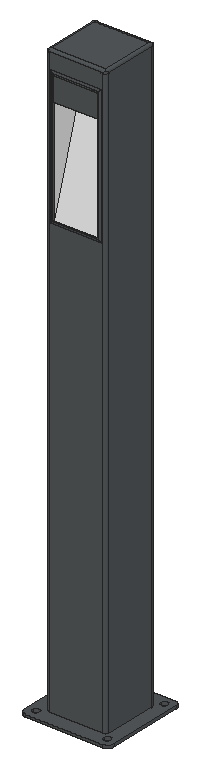
Revit family "svetilnik_alfresco_ar deko_dtu19", category Lighting Fixtures, Revit 2016 (continued)
Definition of nested family "Источник света Ар_Деко"
  Types (5, lengths in mm): name | Photometric Web File | built-in parameter 1150142
      .2\r\n     148.5     131.1     112.8      92.9      83.8      71.8      53.2      32.4\r\n      14.6       2.9       0.3       0.2       0.2       0.2       0.2       0.2\r\n       0.2       0.2       0.2       0.2       0.2       0.2       0.2       0.2\r\n       0.2       0.2       0.2       0.2       0.2       0.2       0.2       0.2\r\n       0.2       0.2       0.2       0.2       0.2       0.2       0.2       0.2\r\n       0.2       0.2       0.2       0.2       0.2       0.2       0.2       0.2\r\n       0.2       0.2       0.2       0.2       0.2       0.2       0.2       0.2\r\n       0.2       0.2       0.2       0.2       0.2       0.2       0.2       0.2\r\n       0.2       0.2       0.2       0.2       0.2       0.2       0.2       0.2\r\n       0.2       0.2       0.2       0.2       0.2       0.2       0.2       0.2\r\n       0.2       0.2       0.2       0.2       0.2       0.2       0.2       0.2\r\n       0.2       0.2       0.3       0.3       0.3       0.3       0.3       0.3\r\n       0.3       0.2       0.3       0.2       0.1       0.1       0.1       0.1\r\n       0.1       0.1       0.0       0.0       0.0\r\n       0.0       0.0       0.3       0.2       0.3       0.2       0.2       0.2\r\n       0.2       0.3       0.3       0.3       3.0      57.8     131.2     175.8\r\n     213.9     254.2     309.6     361.5     426.3     496.4     518.3     521.6\r\n     522.0     526.5     528.8     527.3     530.1     530.1     527.9     528.1\r\n     529.6     526.1     525.1     523.4     523.8     521.6     519.7     517.2\r\n     510.9     512.1     510.7     505.4     500.1     500.7     500.9     495.3\r\n     491.0     489.0     484.7     473.8     466.1     457.6     442.3     420.5\r\n     390.4     360.6     339.4     324.4     309.2     294.8     282.2     270.2\r\n     253.6     236.1     225.6     220.7     207.6     187.4     175.1     164.9\r\n     150.6     131.6     116.0      97.2      85.2      73.7      59.6      42.3\r\n      20.7       4.6       0.6       0.2       0.2       0.2       0.2       0.2\r\n       0.2       0.2       0.2       0.2       0.2       0.2       0.2       0.2\r\n       0.2       0.2       0.2       0.2       0.2       0.2       0.2       0.2\r\n       0.2       0.2       0.2       0.2       0.2       0.2       0.2       0.2\r\n       0.2       0.2       0.2       0.2       0.2       0.2       0.2       0.2\r\n       0.2       0.2       0.2       0.2       0.2       0.2       0.2       0.2\r\n       0.2       0.2       0.2       0.2       0.2       0.2       0.2       0.2\r\n       0.2       0.2       0.2       0.2       0.2       0.2       0.2       0.2\r\n       0.2       0.2       0.2       0.2       0.2       0.2       0.2       0.2\r\n       0.2       0.2       0.2       0.2       0.2       0.2       0.2       0.2\r\n       0.2       0.2       0.3       0.3       0.3       0.3       0.3       0.3\r\n       0.3       0.2       0.2       0.2       0.1       0.1       0.1       0.1\r\n       0.1       0.1       0.0       0.0       0.0\r\n       0.0       0.0       0.3       0.2       0.3       0.2       0.2       0.2\r\n       0.2       0.3       0.3       0.3       1.6      39.6     116.9     167.7\r\n     204.9     239.5     287.5     343.8     402.9     479.9     517.1     516.6\r\n     519.4     523.2     523.0     523.6     523.4     524.0     522.8     521.7\r\n     522.0     522.2     521.9     522.1     521.8     519.6     518.8     515.6\r\n     516.6     512.9     511.5     509.2     505.1     500.1     495.2     490.9\r\n     488.2     483.0     478.7     473.7     468.9     461.8     447.7     422.6\r\n     393.9     365.1     342.3     324.4     311.4     292.9     280.4     272.3\r\n     258.8     239.3     223.7     215.5     206.0     186.9     173.0     163.6\r\n     147.2     129.9     113.1      96.6      82.6      73.5      59.7      39.4\r\n      21.3       3.1       0.3       0.2       0.2       0.2       0.2       0.2\r\n       0.2       0.2       0.2       0.2       0.2       0.2       0.2       0.2\r\n       0.2       0.2       0.2       0.2       0.2       0.2       0.2       0.2\r\n       0.2       0.2       0.2       0.2       0.2       0.2       0.2       0.2\r\n       0.2       0.2       0.2       0.2       0.2       0.2       0.2       0.2\r\n       0.2       0.2       0.2       0.2       0.2       0.2       0.2       0.2\r\n       0.2       0.2       0.2       0.2       0.2       0.2       0.2       0.2\r\n       0.2       0.2       0.2       0.2       0.2       0.2       0.2       0.2\r\n       0.2       0.2       0.2       0.2       0.2       0.2       0.2       0.2\r\n       0.2       0.2       0.2       0.2       0.2       0.2       0.2       0.2\r\n       0.2       0.2       0.2       0.2       0.2       0.3       0.3       0.3\r\n       0.3       0.2       0.2       0.2       0.1       0.1       0.1       0.1\r\n       0.1       0.1       0.0       0.0       0.0\r\n       0.0       0.0       0.3       0.2       0.2       0.2       0.1       0.1\r\n       0.2       0.3       0.3       0.3       0.8      24.4      98.1     155.5\r\n     197.5     231.7     271.0     326.4     379.4     449.5     511.6     519.7\r\n     520.4     522.0     522.0     524.0     524.2     522.1     525.8     522.8\r\n     522.7     520.4     520.4     519.3     520.3     519.2     516.3     512.7\r\n     510.1     508.6     505.0     502.2     498.2     496.8     493.5     487.8\r\n     481.2     476.8     475.1     469.4     462.9     458.2     450.1     432.8\r\n     407.9     374.0     346.2     326.5     311.5     296.7     279.6     267.5\r\n     258.5     243.5     226.3     214.7     205.7     188.7     172.0     163.4\r\n     152.6     135.9     120.9     106.4      89.0      76.8      60.2      42.1\r\n      21.9       6.7       1.0       0.2       0.2       0.2       0.2       0.2\r\n       0.2       0.2       0.2       0.2       0.2       0.2       0.2       0.2\r\n       0.2       0.2       0.2       0.2       0.2       0.2       0.2       0.2\r\n       0.2       0.2       0.2       0.2       0.2       0.2       0.2       0.2\r\n       0.2       0.2       0.2       0.2       0.2       0.2       0.2       0.2\r\n       0.2       0.2       0.2       0.2       0.2       0.2       0.2       0.2\r\n       0.2       0.2       0.2       0.2       0.2       0.2       0.2       0.2\r\n       0.2       0.2       0.2       0.2       0.2       0.2       0.2       0.2\r\n       0.2       0.2       0.2       0.2       0.2       0.2       0.2       0.2\r\n       0.2       0.2       0.2       0.2       0.2       0.2       0.2       0.2\r\n       0.2       0.2       0.2       0.2       0.2       0.3       0.3       0.3\r\n       0.3       0.2       0.2       0.2       0.1       0.1       0.1       0.1\r\n       0.1       0.1       0.0       0.0       0.0\r\n       0.0       0.0       0.3       0.2       0.2       0.1       0.1       0.1\r\n       0.2       0.3       0.3       0.3       0.4      12.8      75.6     139.3\r\n     184.5     221.9     257.5     307.2     359.1     425.9     491.7     520.2\r\n     521.2     519.3     520.9     520.9     520.0     518.8     518.9     518.1\r\n     516.0     516.9     513.6     512.2     510.0     509.2     508.0     507.5\r\n     504.7     502.8     498.6     498.8     493.5     488.2     485.7     479.7\r\n     479.5     474.0     467.7     459.3     455.2     448.4     441.6     427.0\r\n     409.5     386.2     359.5     333.6     313.4     297.2     277.5     262.9\r\n     256.2     242.3     223.5     210.3     200.2     187.1     172.0     159.0\r\n     149.0     135.2     114.9      99.9      81.8      73.6      61.0      45.9\r\n      25.8       9.6       0.6       0.2       0.2       0.2       0.2       0.2\r\n       0.2       0.2       0.2       0.2       0.2       0.2       0.2       0.2\r\n       0.2       0.2       0.2       0.2       0.2       0.2       0.2       0.2\r\n       0.2       0.2       0.2       0.2       0.2       0.2       0.2       0.2\r\n       0.2       0.2       0.2       0.2       0.2       0.2       0.2       0.2\r\n       0.2       0.2       0.2       0.2       0.2       0.2       0.2       0.2\r\n       0.2       0.2       0.2       0.2       0.2       0.2       0.2       0.2\r\n       0.2       0.2       0.2       0.2       0.2       0.2       0.2       0.2\r\n       0.2       0.2       0.2       0.2       0.2       0.2       0.2       0.2\r\n       0.2       0.2       0.2       0.2       0.2       0.2       0.2       0.2\r\n       0.2       0.2       0.2       0.2       0.2       0.3       0.3       0.3\r\n       0.3       0.2       0.2       0.2       0.1       0.1       0.1       0.1\r\n       0.1       0.1       0.0       0.0       0.0\r\n       0.0       0.0       0.3       0.2       0.2       0.1       0.1       0.1\r\n       0.2       0.3       0.3       0.3       0.3       5.2      51.5     120.8\r\n     166.9     206.4     243.7     285.3     335.3     390.7     465.9     512.5\r\n     520.0     518.1     517.4     517.9     519.2     516.1     513.0     513.7\r\n     513.5     513.6     511.7     508.8     502.8     504.8     501.6     501.9\r\n     500.6     495.0     488.6     485.0     484.3     484.3     476.8     474.7\r\n     473.9     467.6     462.5     459.8     451.6     444.8     439.7     429.0\r\n     413.1     391.0     362.7     336.9     316.9     300.0     284.3     268.8\r\n     253.6     240.8     222.8     207.8     198.8     189.8     173.2     158.0\r\n     149.7     138.9     121.7     104.0      85.7      73.0      63.0      46.5\r\n      28.9      10.6       1.5       0.2       0.2       0.2       0.2       0.2\r\n       0.2       0.2       0.2       0.2       0.2       0.2       0.2       0.2\r\n       0.2       0.2       0.2       0.2       0.2       0.2       0.2       0.2\r\n       0.2       0.2       0.2       0.2       0.2       0.2       0.2       0.2\r\n       0.2       0.2       0.2       0.2       0.2       0.2       0.2       0.2\r\n       0.2       0.2       0.2       0.2       0.2       0.2       0.2       0.2\r\n       0.2       0.2       0.2       0.2       0.2       0.2       0.2       0.2\r\n       0.2       0.2       0.2       0.2       0.2       0.2       0.2       0.2\r\n       0.2       0.2       0.2       0.2       0.2       0.2       0.2       0.2\r\n       0.2       0.2       0.2       0.2       0.2       0.2       0.2       0.2\r\n       0.2       0.2       0.2       0.2       0.2       0.2       0.3       0.3\r\n       0.3       0.2       0.2       0.2       0.1       0.1       0.1       0.1\r\n       0.1       0.1       0.0       0.0       0.0\r\n       0.0       0.0       0.3       0.2       0.2       0.1       0.1       0.1\r\n       0.2       0.3       0.3       0.3       0.2       2.0      29.2      96.4\r\n     148.8     190.1     226.0     262.2     306.3     356.1     424.8     486.5\r\n     515.6     514.6     514.5     510.8     510.1     512.6     511.6     508.2\r\n     507.1     506.4     505.1     503.3     503.2     497.2     497.1     493.3\r\n     491.6     490.2     489.0     486.3     480.9     476.9     475.0     470.7\r\n     463.8     460.1     452.6     450.4     447.5     444.0     437.7     429.1\r\n     416.0     397.4     374.0     344.9     324.5     305.6     288.9     266.9\r\n     255.9     243.2     231.3     214.4     201.9     192.3     177.4     160.8\r\n     147.2     133.6     120.7     102.5      87.6      71.5      61.0      50.6\r\n      33.3      15.1       2.6       0.2       0.2       0.2       0.2       0.2\r\n       0.2       0.2       0.2       0.2       0.2       0.2       0.2       0.2\r\n       0.2       0.2       0.2       0.2       0.2       0.2       0.2       0.2\r\n       0.2       0.2       0.2       0.2       0.2       0.2       0.2       0.2\r\n       0.2       0.2       0.2       0.2       0.2       0.2       0.2       0.2\r\n       0.2       0.2       0.2       0.2       0.2       0.2       0.2       0.2\r\n       0.2       0.2       0.2       0.2       0.2       0.2       0.2       0.2\r\n       0.2       0.2       0.2       0.2       0.2       0.2       0.2       0.2\r\n       0.2       0.2       0.2       0.2       0.2       0.2       0.2       0.2\r\n       0.2       0.2       0.2       0.2       0.2       0.2       0.2       0.2\r\n       0.2       0.2       0.2       0.2       0.2       0.2       0.2       0.3\r\n       0.3       0.2       0.2       0.2       0.1       0.1       0.1       0.1\r\n       0.1       0.1       0.0       0.0       0.0\r\n       0.0       0.0       0.3       0.2       0.2       0.1       0.1       0.1\r\n       0.2       0.3       0.3       0.2       0.2       0.8      12.2      68.4\r\n     127.8     171.5     207.5     241.0     280.9     323.6     377.4     445.8\r\n     499.9     511.4     513.9     510.9     509.2     507.1     508.8     505.4\r\n     503.2     501.3     500.9     501.3     497.2     495.2     489.0     487.4\r\n     482.5     479.5     479.6     476.7     473.8     469.8     465.6     465.3\r\n     460.3     452.3     448.6     439.3     433.5     426.9     420.0     416.8\r\n     410.0     399.0     377.6     351.9     324.1     297.9     286.6     272.5\r\n     253.2     238.1     228.5     211.1     194.4     184.3     174.8     160.3\r\n     146.1     134.7     123.8     104.8      91.5      73.2      63.4      49.4\r\n      35.9      16.1       3.6       0.3       0.2       0.2       0.2       0.2\r\n       0.2       0.2       0.2       0.2       0.2       0.2       0.2       0.2\r\n       0.2       0.2       0.2       0.2       0.2       0.2       0.2       0.2\r\n       0.2       0.2       0.2       0.2       0.2       0.2       0.2       0.2\r\n       0.2       0.2       0.2       0.2       0.2       0.2       0.2       0.2\r\n       0.2       0.2       0.2       0.2       0.2       0.2       0.2       0.2\r\n       0.2       0.2       0.2       0.2       0.2       0.2       0.2       0.2\r\n       0.2       0.2       0.2       0.2       0.2       0.2       0.2       0.2\r\n       0.2       0.2       0.2       0.2       0.2       0.2       0.2       0.2\r\n       0.2       0.2       0.2       0.2       0.2       0.2       0.2       0.2\r\n       0.2       0.2       0.2       0.2       0.2       0.2       0.2       0.3\r\n       0.3       0.2       0.2       0.2       0.1       0.1       0.1       0.1\r\n       0.1       0.1       0.0       0.0       0.0\r\n       0.0       0.0       0.3       0.2       0.2       0.1       0.1       0.1\r\n       0.2       0.3       0.3       0.2       0.2       0.3       3.5      41.9\r\n      99.2     149.7     186.9     222.5     255.2     293.4     338.2     394.3\r\n     458.3     500.9     504.8     507.9     505.3     506.1     502.2     501.3\r\n     500.2     496.1     492.9     490.6     490.4     484.3     484.9     482.2\r\n     477.7     476.7     471.1     466.6     467.5     464.6     460.3     449.2\r\n     447.5     446.3     437.9     434.1     429.6     426.5     420.9     411.6\r\n     406.0     396.4     382.7     363.1     334.8     306.9     283.8     269.9\r\n     252.8     239.7     226.7     215.5     198.0     182.7     172.3     159.6\r\n     145.2     134.4     122.3     106.7      89.6      75.0      62.9      53.5\r\n      40.2      22.5       4.4       0.7       0.2       0.2       0.2       0.2\r\n       0.2       0.2       0.2       0.2       0.2       0.2       0.2       0.2\r\n       0.2       0.2       0.2       0.2       0.2       0.2       0.2       0.2\r\n       0.2       0.2       0.2       0.2       0.2       0.2       0.2       0.2\r\n       0.2       0.2       0.2       0.2       0.2       0.2       0.2       0.2\r\n       0.2       0.2       0.2       0.2       0.2       0.2       0.2       0.2\r\n       0.2       0.2       0.2       0.2       0.2       0.2       0.2       0.2\r\n       0.2       0.2       0.2       0.2       0.2       0.2       0.2       0.2\r\n       0.2       0.2       0.2       0.2       0.2       0.2       0.2       0.2\r\n       0.2       0.2       0.2       0.2       0.2       0.2       0.2       0.2\r\n       0.2       0.2       0.2       0.2       0.2       0.2       0.2       0.2\r\n       0.3       0.2       0.2       0.2       0.1       0.1       0.1       0.1\r\n       0.1       0.1       0.0       0.0       0.0\r\n       0.0       0.0       0.3
             0.2       0.2       0.1       0.1       0.1\r\n       0.2       0.3       0.3       0.2       0.2       0.2       0.9      18.6\r\n      64.3     124.3     163.7     200.8     230.4     264.2     300.1     344.6\r\n     398.3     457.3     476.3     480.9     480.4     479.9     480.4     480.0\r\n     476.7     473.6     471.9     468.2     468.4     467.0     463.8     462.0\r\n     462.5     459.5     455.3     452.7     446.4     443.4     441.4     438.4\r\n     433.6     429.2     429.6     424.7     415.7     409.0     404.3     399.5\r\n     392.6     385.3     377.4     362.8     340.2     311.1     282.3     265.5\r\n     251.1     233.7     220.5     209.4     194.9     179.6     165.0     155.1\r\n     139.2     124.2     116.9     104.3      88.7      75.3      57.4      49.3\r\n      36.6      23.3       7.2       1.0       0.2       0.2       0.2       0.2\r\n       0.2       0.2       0.2       0.2       0.2       0.2       0.2       0.2\r\n       0.2       0.2       0.2       0.2       0.2       0.2       0.2       0.2\r\n       0.2       0.2       0.2       0.2       0.2       0.2       0.2       0.2\r\n       0.2       0.2       0.2       0.2       0.2       0.2       0.2       0.2\r\n       0.2       0.2       0.2       0.2       0.2       0.2       0.2       0.2\r\n       0.2       0.2       0.2       0.2       0.2       0.2       0.2       0.2\r\n       0.2       0.2       0.2       0.2       0.2       0.2       0.2       0.2\r\n       0.2       0.2       0.2       0.2       0.2       0.2       0.2       0.2\r\n       0.2       0.2       0.2       0.2       0.2       0.2       0.2       0.2\r\n       0.2       0.2       0.2       0.2       0.2       0.2       0.2       0.2\r\n       0.2       0.2       0.2       0.2       0.1       0.1       0.1       0.1\r\n       0.1       0.1       0.0       0.0       0.0\r\n       0.0       0.0       0.3       0.2       0.2       0.1       0.1       0.1\r\n       0.2       0.3       0.3       0.2       0.2       0.2       0.3       5.4\r\n      33.1      93.3     140.0     176.2     209.2     234.4     260.1     292.9\r\n     329.4     376.3     418.5     437.1     441.8     440.5     437.0     436.4\r\n     441.4     439.0     435.4     434.5     430.6     432.0     430.7     426.2\r\n     422.5     418.1     415.6     412.6     411.2     408.5     404.8     404.8\r\n     401.0     395.1     388.3     381.7     380.5     374.6     367.3     361.6\r\n     357.3     350.0     344.4     336.3     321.7     300.2     271.0     246.0\r\n     228.8     213.1     195.7     179.8     171.8     156.6     144.2     134.2\r\n     124.3     110.5      98.4      88.7      73.7      62.3      51.2      43.1\r\n      33.0      20.4       9.4       1.3       0.2       0.2       0.2       0.2\r\n       0.2       0.2       0.2       0.2       0.2       0.2       0.2       0.2\r\n       0.2       0.2       0.2       0.2       0.2       0.2       0.2       0.2\r\n       0.2       0.2       0.2       0.2       0.2       0.2       0.2       0.2\r\n       0.2       0.2       0.2       0.2       0.2       0.2       0.2       0.2\r\n       0.2       0.2       0.2       0.2       0.2       0.2       0.2       0.2\r\n       0.2       0.2       0.2       0.2       0.2       0.2       0.2       0.2\r\n       0.2       0.2       0.2       0.2       0.2       0.2       0.2       0.2\r\n       0.2       0.2       0.2       0.2       0.2       0.2       0.2       0.2\r\n       0.2       0.2       0.2       0.2       0.2       0.2       0.2       0.2\r\n       0.2       0.2       0.2       0.2       0.2       0.2       0.2       0.2\r\n       0.2       0.2       0.2       0.2       0.1       0.1       0.1       0.1\r\n       0.1       0.1       0.0       0.0       0.0\r\n       0.0       0.0       0.3       0.1       0.2       0.1       0.1       0.1\r\n       0.2       0.3       0.3       0.2       0.2       0.2       0.2       1.3\r\n      12.0      53.9     107.3     150.6     180.5     203.1     224.9     248.8\r\n     275.1     306.4     340.6     381.8     390.2     392.9     394.5     395.5\r\n     393.8     393.6     394.3     394.4     393.4     392.3     391.2     387.8\r\n     388.4     385.5     383.4     381.0     374.7     371.7     367.0     359.5\r\n     357.2     354.1     348.3     344.5     340.7     337.6     332.3     324.6\r\n     316.3     311.1     305.4     298.2     292.2     279.6     256.2     229.9\r\n     206.2     190.8     177.5     160.0     147.7     139.1     124.7     111.5\r\n     103.3      92.9      82.5      75.1      67.1      55.7      44.8      35.5\r\n      29.8      19.2       8.9       1.0       0.2       0.2       0.2       0.2\r\n       0.2       0.2       0.2       0.2       0.2       0.2       0.2       0.2\r\n       0.2       0.2       0.2       0.2       0.2       0.2       0.2       0.2\r\n       0.2       0.2       0.2       0.2       0.2       0.2       0.2       0.2\r\n       0.2       0.2       0.2       0.2       0.2       0.2       0.2       0.2\r\n       0.2       0.2       0.2       0.2       0.2       0.2       0.2       0.2\r\n       0.2       0.2       0.2       0.2       0.2       0.2       0.2       0.2\r\n       0.2       0.2       0.2       0.2       0.2       0.2       0.2       0.2\r\n       0.2       0.2       0.2       0.2       0.2       0.2       0.2       0.2\r\n       0.2       0.2       0.2       0.2       0.2       0.2       0.2       0.2\r\n       0.2       0.2       0.2       0.2       0.2       0.2       0.2       0.2\r\n       0.2       0.2       0.2       0.2       0.1       0.1       0.1       0.1\r\n       0.1       0.1       0.0       0.0       0.0\r\n       0.0       0.0       0.2       0.1       0.2       0.1       0.1       0.1\r\n       0.2       0.3       0.3       0.2       0.2       0.2       0.2       0.4\r\n       2.7      21.8      61.9     119.1     150.9     174.8     199.0     218.7\r\n     241.6     271.2     298.0     327.0     345.1     357.2     361.2     359.9\r\n     356.8     359.4     360.9     359.2     356.4     356.5     352.2     352.7\r\n     351.6     346.7     345.3     343.2     341.4     336.0     331.6     330.5\r\n     326.7     323.6     319.4     314.3     310.3     305.0     300.7     295.0\r\n     291.4     286.2     281.7     277.5     270.7     263.2     252.3     230.9\r\n     203.4     178.5     162.6     150.4     135.9     125.5     116.1     103.9\r\n      92.8      86.4      75.7      66.0      60.1      50.5      41.5      31.8\r\n      25.5      17.4       7.2       0.5       0.2       0.2       0.2       0.2\r\n       0.2       0.2       0.2       0.2       0.2       0.2       0.2       0.2\r\n       0.2       0.2       0.2       0.2       0.2       0.2       0.2       0.2\r\n       0.2       0.2       0.2       0.2       0.2       0.2       0.2       0.2\r\n       0.2       0.2       0.2       0.2       0.2       0.2       0.2       0.2\r\n       0.2       0.2       0.2       0.2       0.2       0.2       0.2       0.2\r\n       0.2       0.2       0.2       0.2       0.2       0.2       0.2       0.2\r\n       0.2       0.2       0.2       0.2       0.2       0.2       0.2       0.2\r\n       0.2       0.2       0.2       0.2       0.2       0.2       0.2       0.2\r\n       0.2       0.2       0.2       0.2       0.2       0.2       0.2       0.2\r\n       0.2       0.2       0.2       0.2       0.2       0.2       0.2       0.2\r\n       0.2       0.2       0.2       0.2       0.1       0.1       0.1       0.1\r\n       0.1       0.1       0.0       0.0       0.0\r\n       0.0       0.0       0.2       0.1       0.2       0.1       0.1       0.1\r\n       0.2       0.3       0.3       0.2       0.2       0.2       0.2       0.3\r\n       0.5       6.2      24.7      71.4     113.4     143.0     167.0     188.5\r\n     207.8     232.7     253.2     275.6     290.2     320.6     327.5     326.3\r\n     325.1     322.7     323.3     324.1     323.8     323.4     322.2     318.9\r\n     316.5     317.5     312.1     311.0     309.5     304.9     302.4     299.0\r\n     296.6     293.9     290.8     287.1     282.3     276.4     271.9     269.6\r\n     263.5     258.6     253.0     246.6     240.9     234.2     227.4     217.1\r\n     201.3     176.6     153.0     136.8     125.6     114.7     105.7      97.7\r\n      86.7      77.5      71.8      61.8      52.9      46.9      37.6      28.6\r\n      20.8      15.3       7.9       1.4       0.4       0.2       0.2       0.2\r\n       0.2       0.2       0.2       0.2       0.2       0.2       0.2       0.2\r\n       0.2       0.2       0.2       0.2       0.2       0.2       0.2       0.2\r\n       0.2       0.2       0.2       0.2       0.2       0.2       0.2       0.2\r\n       0.2       0.2       0.2       0.2       0.2       0.2       0.2       0.2\r\n       0.2       0.2       0.2       0.2       0.2       0.2       0.2       0.2\r\n       0.2       0.2       0.2       0.2       0.2       0.2       0.2       0.2\r\n       0.2       0.2       0.2       0.2       0.2       0.2       0.2       0.2\r\n       0.2       0.2       0.2       0.2       0.2       0.2       0.2       0.2\r\n       0.2       0.2       0.2       0.2       0.2       0.2       0.2       0.2\r\n       0.2       0.2       0.2       0.2       0.2       0.2       0.2       0.2\r\n       0.2       0.2       0.2       0.2       0.1       0.1       0.1       0.1\r\n       0.1       0.1       0.0       0.0       0.0\r\n       0.0       0.0       0.2       0.1       0.2       0.1       0.1       0.1\r\n       0.2       0.3       0.3       0.2       0.2       0.2       0.2       0.2\r\n       0.2       1.3       6.2      26.9      64.2      98.8     124.6     146.8\r\n     170.4     192.0     209.9     231.7     246.4     259.3     281.1     297.6\r\n     302.1     301.5     298.3     295.5     294.6     292.8     290.9     290.0\r\n     287.7     283.3     279.6     276.1     276.7     275.4     271.3     269.6\r\n     264.1     261.3     259.9     255.9     252.6     249.4     244.6     240.2\r\n     235.0     230.4     225.5     221.3     216.0     210.4     205.2     199.0\r\n     191.3     175.7     154.8     131.1     115.9     104.6      94.9      86.8\r\n      79.3      69.7      62.4      55.3      46.8      40.2      33.5      24.4\r\n      17.7      14.5       8.8       2.3       0.3       0.2       0.2       0.2\r\n       0.2       0.2       0.2       0.2       0.2       0.2       0.2       0.2\r\n       0.2       0.2       0.2       0.2       0.2       0.2       0.2       0.2\r\n       0.2       0.2       0.2       0.2       0.2       0.2       0.2       0.2\r\n       0.2       0.2       0.2       0.2       0.2       0.2       0.2       0.2\r\n       0.2       0.2       0.2       0.2       0.2       0.2       0.2       0.2\r\n       0.2       0.2       0.2       0.2       0.2       0.2       0.2       0.2\r\n       0.2       0.2       0.2       0.2       0.2       0.2       0.2       0.2\r\n       0.2       0.2       0.2       0.2       0.2       0.2       0.2       0.2\r\n       0.2       0.2       0.2       0.2       0.2       0.2       0.2       0.2\r\n       0.2       0.2       0.2       0.2       0.2       0.2       0.2       0.2\r\n       0.2       0.2       0.2       0.2       0.1       0.1       0.1       0.1\r\n       0.1       0.1       0.0       0.0       0.0\r\n       0.0       0.0       0.2       0.1       0.2       0.1       0.1       0.1\r\n       0.2       0.3       0.3       0.2       0.2       0.2       0.2       0.2\r\n       0.2       0.3       0.9       6.2      25.3      53.4      78.7     101.5\r\n     120.8     139.0     154.0     166.3     184.3     202.3     219.1     242.6\r\n     265.5     266.8     266.7     267.6     265.1     260.7     259.5     257.2\r\n     252.9     251.9     249.1     245.6     241.0     240.2     237.0     234.2\r\n     230.4     225.9     223.1     220.8     216.6     215.2     210.2     208.4\r\n     205.5     200.8     197.1     192.1     187.8     183.4     179.6     174.4\r\n     169.8     164.0     153.8     138.1     118.9     104.0      93.9      83.3\r\n      74.7      67.5      58.4      51.9      44.6      37.6      31.8      26.1\r\n      20.1      15.2      10.8       5.7       1.1       0.2       0.2       0.2\r\n       0.2       0.2       0.2       0.2       0.2       0.2       0.2       0.2\r\n       0.2       0.2       0.2       0.2       0.2       0.2       0.2       0.2\r\n       0.2       0.2       0.2       0.2       0.2       0.2       0.2       0.2\r\n       0.2       0.2       0.2       0.2       0.2       0.2       0.2       0.2\r\n       0.2       0.2       0.2       0.2       0.2       0.2       0.2       0.2\r\n       0.2       0.2       0.2       0.2       0.2       0.2       0.2       0.2\r\n       0.2       0.2       0.2       0.2       0.2       0.2       0.2       0.2\r\n       0.2       0.2       0.2       0.2       0.2       0.2       0.2       0.2\r\n       0.2       0.2       0.2       0.2       0.2       0.2       0.2       0.2\r\n       0.2       0.2       0.2       0.2       0.2       0.2       0.2       0.2\r\n       0.2       0.2       0.2       0.2       0.1       0.1       0.1       0.1\r\n       0.1       0.1       0.0       0.0       0.0\r\n       0.0       0.0       0.2       0.1       0.2       0.1       0.1       0.1\r\n       0.2       0.3       0.3       0.2       0.2       0.2       0.2       0.2\r\n       0.2       0.2       0.3       1.0       5.7      15.4      33.4      55.7\r\n      76.1      91.4     101.3     110.0     123.4     134.0     147.0     167.2\r\n     182.8     210.0     224.3     230.4     232.1     230.1     226.7     223.2\r\n     222.4     220.5     218.8     215.4     212.3     208.9     205.1     200.5\r\n     198.6     196.2     191.3     188.5     185.6     181.3     178.8     173.3\r\n     168.5     165.9     162.4     157.7     154.8     152.3     147.2     143.0\r\n     138.7     133.4     127.8     119.8     107.4      94.1      82.9      75.2\r\n      66.0      59.5      53.5      45.8      41.6      34.8      30.1      24.8\r\n      19.5      14.1      10.1       5.6       1.6       0.2       0.2       0.2\r\n       0.2       0.2       0.2       0.2       0.2       0.2       0.2       0.2\r\n       0.2       0.2       0.2       0.2       0.2       0.2       0.2       0.2\r\n       0.2       0.2       0.2       0.2       0.2       0.2       0.2       0.2\r\n       0.2       0.2       0.2       0.2       0.2       0.2       0.2       0.2\r\n       0.2       0.2       0.2       0.2       0.2       0.2       0.2       0.2\r\n       0.2       0.2       0.2       0.2       0.2       0.2       0.2       0.2\r\n       0.2       0.2       0.2       0.2       0.2       0.2       0.2       0.2\r\n       0.2       0.2       0.2       0.2       0.2       0.2       0.2       0.2\r\n       0.2       0.2       0.2       0.2       0.2       0.2       0.2       0.2\r\n       0.2       0.2       0.2       0.2       0.2       0.2       0.2       0.2\r\n       0.2       0.1       0.2       0.2       0.1       0.1       0.1       0.1\r\n       0.1       0.1       0.0       0.0       0.0\r\n       0.0       0.0       0.2       0.1       0.1       0.1       0.1       0.1\r\n       0.2       0.3       0.2       0.2       0.2       0.2       0.2       0.2\r\n       0.2       0.2       0.2       0.3       0.7       1.9       8.6      20.7\r\n      38.2      53.6      69.1      78.4      89.4      99.3     108.2     124.7\r\n     139.2     150.6     170.2     187.4     196.5     201.1     201.3     202.0\r\n     198.9     196.5     193.8     190.7     189.6     186.4     184.1     182.6\r\n     179.8     175.9     173.3     170.4     166.8     164.8     162.5     159.8\r\n     157.0     152.6     148.6     145.2     140.9     137.2     133.5     129.4\r\n     125.3     120.6     115.8     111.9     107.1      97.6      86.5      75.2\r\n      67.2      60.0      53.7      48.2      41.8      36.3      31.4      25.8\r\n      21.4      16.1      11.7       8.2       3.2       0.6       0.2       0.2\r\n       0.2       0.2       0.2       0.2       0.2       0.2       0.2       0.2\r\n       0.2       0.2       0.2       0.2       0.2       0.2       0.2       0.2\r\n       0.2       0.2       0.2       0.2       0.2       0.2       0.2       0.2\r\n       0.2       0.2       0.2    
